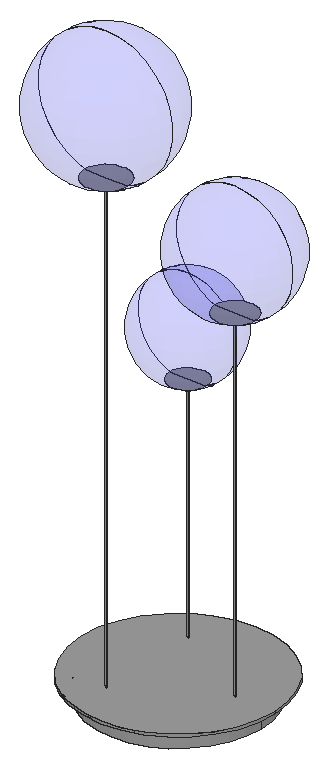
Revit family "CANGINITUCCI_LIGHTING_FIXTURE_PIT_GROUP", category Lighting Fixtures, host Face, Revit 2019
Family settings
  Host = Face
  Round Connector Dimension = Use Diameter
  Part Type = Normal
  Cut with Voids When Loaded = No
  Light Source = No
  Shared = No
  Room Calculation Point = Yes
Parameters (values of type "TRIPLE")
  WEIGHT = 0.00 kg
  URL = "https://www.canginietucci.com/"
  TECHNICAL SHEET = "https://www.canginietucci.com/prodotto/pit/"
  STRUCTURE MATERIAL = CANGINITUCCI_METAL
  PRODUCT SHEET = "https://www.archiproducts.com/en/products/cangini-tucci/led-blown-glass-pendant-lamp-pit-pendant-lamp_602741#"
  PRODUCT CODE = "1589MX.43.3L"  # constant formula
  POWER SUPPLY = "REFER TO SINGLE LAMP SPEC"  # constant formula
  PACKAGING = ""
  Model = "GLASS LAMP - TRIPLE"
  Manufacturer = "CANGINI&TUCCI"
  MATERIAL DESCRIPTION = ""
  LIGHTING SPECIFICATION = ""
  LAMP MATERIAL = CANGINITUCCI_LIGHT
  INSTALLATION INSTRUCTIONS = ""
  HEIGHT = 1000 mm
  FINISHING MATERIAL = CANGINITUCCI_GLASS
  ENERGY EFFICIENCY CLASS = "A"
  Description = "PIT is a family of LED lamps handcrafted in blown glass.‎ The family consists of 3 types: the hanging lamp, made in 4 different diameters, the table lamp with a 22cm diameter sphere and a height of 50cm, and the floor lamp, with a 30cm diameter sphere and a height of 175cm.‎"
  Default Elevation = 1219.2 mm
  DIAMETER = 430 mm
  COLOR RENDERING INDEX = ""
  COLLECTION = "PIT"  # constant formula
  BIM USER MANUAL = "https://bimcad.edilportale.com/CANGINITUCCI-BIM-USER-MANUAL-Cangini-Tucci-bim.pdf"
  BIM BADGE = "https://bim.archiproducts.com/en/badge/bim-archiproducts-featured_658700/about"
  BIM AUTHOR = "https://bim.archiproducts.com"
Reference planes
  plane 1 "Center (Front/Back)": y = 0
  plane 2: z = 0
  plane 3 "Center (Left/Right)": x = 0
  plane 4 "LAMP": z = 1000
Forms (mm)
  Extrusion 1, solid, material "CANGINITUCCI_METAL" <- "STRUCTURE MATERIAL", detail levels fine
    sketch origin (0, 0, 0) x (1, 0, 0) y (0, 1, 0)
      loop
        circle (0, 0) r 215
    from 45 to 40
  Extrusion 2, solid, material "CANGINITUCCI_METAL" <- "STRUCTURE MATERIAL", detail levels fine
    sketch origin (0, 0, 0) x (1, 0, 0) y (0, 1, 0)
      loop
        circle (0, 0) r 185
    from 0 to 40
Lines and regions (mm)
  symbolic lines, detail levels coarse
    curve 1: circle (-69.511, 113.787, 0) r 180 normal (0, 0, 1)
    curve 2: circle (125.607, 0.839, 0) r 180 normal (0, 0, 1)
    curve 3: circle (-70.758, -112.203, 0) r 180 normal (0, 0, 1)
    curve 4: arc (-215, 0, 0) -> (0, -215, 0) -> (215, 0, 0) r 215
    curve 5: arc (215, 0, 0) -> (0, 215, 0) -> (-215, 0, 0) r 215
Dimensions and locks
  "HEIGHT": plane 4 "LAMP" to level
  diameter of Extrusion 1 sketch curve = 430 mm
  aligned and locked: plane 2 to host face
  aligned and locked: level to host face
Automatic sketch dimensions
  host sketch curve to host sketch curve = 2438.4 mm  (x2)
  plane 1 "Center (Front/Back)" to Extrusion 1 sketch curve = 0 mm
  Extrusion 1 sketch curve to plane 3 "Center (Left/Right)" = 0 mm
  plane 1 "Center (Front/Back)" to Extrusion 2 sketch curve = 0 mm
  Extrusion 2 sketch curve to plane 3 "Center (Left/Right)" = 0 mm
  curve 4 to curve 5 = 0 mm  (x2)
  plane 1 "Center (Front/Back)" to curve 4 = 0 mm
  curve 5 to plane 3 "Center (Left/Right)" = 0 mm
  curve 1 to plane 3 "Center (Left/Right)" = 69.511 mm
  curve 3 to plane 3 "Center (Left/Right)" = 70.758 mm
  curve 2 to plane 1 "Center (Front/Back)" = 0.839 mm
  plane 3 "Center (Left/Right)" to curve 2 = 125.607 mm
  plane 1 "Center (Front/Back)" to curve 3 = 112.203 mm
  curve 1 to plane 1 "Center (Front/Back)" = 113.787 mm
  curve 5 to curve 3 = 144.242 mm
  radius of Extrusion 2 sketch curve = 185 mm
  radius of curve 1 = 180 mm
  radius of curve 2 = 180 mm
  radius of curve 3 = 180 mm
Nested families
  nested 1: "Lighting symbol" at (0, 0, 0) x (0.7071, -0.7071, 0) z (0, 0, 1), type "Lighting symbol", detail levels coarse
    with Light Source Symbol Size 300 mm
  nested 2: "CANGINITUCCI_LIGHTING_FIXTURE_PIT_SINGLE" at (-69.511, 113.787, 0), type "220"
    with BASE no
  nested 3: "CANGINITUCCI_LIGHTING_FIXTURE_PIT_SINGLE" at (125.607, 0.839, 0), type "260"
    with BASE no
  nested 4: "CANGINITUCCI_LIGHTING_FIXTURE_PIT_SINGLE" at (-70.758, -112.203, 0), type "300"
    with BASE no
Connectors
  electrical at (0, 0, 0)
    settings: on Extrusion 2, index 1, voltage 0 V, apparent load 0 VA, apparent load phase1 0 VA, apparent load phase2 0 VA, apparent load phase3 0 VA, power factor 1, load classification "Other", number of poles 1, system type 31, power factor state 1, is connector primary yes, connector utility no, sub classification motor no, connector description ""
Definition of nested family "CANGINITUCCI_LIGHTING_FIXTURE_PIT_SINGLE"
  Parameters (values of type "360")
    WEIGHT = 0.00 kg
    WATTAGE = 0 W
    VOLTAGE = 0 V
    URL = "https://www.canginietucci.com/"
    TECHNICAL SHEET = "https://www.canginietucci.com/prodotto/pit/"
    STRUCTURE MATERIAL = none
    RADIAL = DIAMETER / 2  # 180 mm
    PRODUCT SHEET = "https://www.archiproducts.com/en/products/cangini-tucci/led-blown-glass-pendant-lamp-pit-pendant-lamp_602741#"
    PRODUCT CODE = "MAX1583.1L"  # constant formula
    POWER SUPPLY = ""
    POWER CONSUMPTION = 0 kWh
    PACKAGING = ""
    Model = "GLASS LAMP"
    Manufacturer = "CANGINI&TUCCI"
    MATERIAL DESCRIPTION = ""
    LIGHTING SPECIFICATION = ""
    LAMP MATERIAL = none
    INSTALLATION INSTRUCTIONS = ""
    HEIGHT = 1000 mm
    FREQUENCY = 0 Hz
    FINISHING MATERIAL = none
    ENERGY EFFICIENCY CLASS = ""
    Description = "PIT is a family of LED lamps handcrafted in blown glass.‎ The family consists of 3 types: the hanging lamp, made in 4 different diameters, the table lamp with a 22cm diameter sphere and a height of 50cm, and the floor lamp, with a 30cm diameter sphere and a height of 175cm.‎"
    Default Elevation = 1219.2 mm
    DIAMETER = 360 mm
    COLOR RENDERING INDEX = ""
    COLLECTION = "PIT"  # constant formula
    BIM USER MANUAL = "https://bimcad.edilportale.com/CANGINITUCCI-BIM-USER-MANUAL-Cangini-Tucci-bim.pdf"
    BIM BADGE = "https://bim.archiproducts.com/en/badge/bim-archiproducts-featured_658700/about"
    BIM AUTHOR = "https://bim.archiproducts.com"
    BASE [instance] = yes
  Types (4, lengths in mm): name | RADIAL | HEIGHT | DIAMETER
    220 | 110 | 550 | 220
    260 | 130 | 800 | 260
    300 | 150 | 1050 | 300
    360 | 180 | 1000 | 360
  Reference planes
    plane 1 "Center (Front/Back)": y = 0
    plane 2: z = 0
    plane 3 "Center (Left/Right)": x = 0
    plane 4 "LAMP": z = 1000
  Forms (mm)
    Extrusion 1, solid
      sketch origin (0, 0, 0) x (1, 0, 0) y (0, 1, 0)
        loop
          line (-1219.2, 1219.2) -> (-1219.2, -1219.2) -> (1219.2, -1219.2) -> (1219.2, 1219.2) -> (-1219.2, 1219.2)
      from 0 to -126.95
    Extrusion 2, solid, material <- "STRUCTURE MATERIAL", visible <- "BASE", detail levels medium+fine
      sketch origin (562.5, 114.888, 0) x (1, 0, 0) y (0, 1, 0)
        loop
          circle (-562.5, -114.888) r 42.5
      from 0 to 50
    Extrusion 3, solid, material <- "STRUCTURE MATERIAL", detail levels medium+fine
      sketch origin (0, 0, 50) x (1, 0, 0) y (0, 1, 0)
        loop
          circle (0, 0) r 1.45
      from -50 to 950
    Revolve 4, solid, material <- "FINISHING MATERIAL", detail levels medium+fine
      sketch origin (0, 0, 0) x (1, 0, 0) y (0, 0, 1)
        loop
          arc (0, 1360) -> (-180, 1180) -> (0, 1000) r 180
          line (0, 1000) -> (0, 1360)
        axis (0, 1360) -> (0, 1000)
      angle from 0 to 360
    Revolve 5, solid, material <- "STRUCTURE MATERIAL", detail levels medium+fine
      sketch origin (0, 0, 0) x (1, 0, 0) y (0, 0, 1)
        loop
          line (0, 1007.766) -> (-52.301, 1007.766)
          arc (-52.301, 1007.766) -> (-26.437, 1001.952) -> (0, 1000) r 180
          line (0, 1000) -> (0, 1007.766)
        axis (0, 1007.766) -> (0, 1000)
      angle from 0 to 360
  Lines and regions (mm)
    symbolic lines, detail levels coarse
      curve 1: circle (0, 0, 0) r 180 normal (0, 0, 1)
  Dimensions and locks
    "HEIGHT": plane 4 "LAMP" to level
    locked: Revolve 4 sketch curve to plane 4 "LAMP" at 0
    "RADIAL": radius of Revolve 4 sketch curve
    "RADIAL": radius of Revolve 5 sketch curve
    aligned and locked: plane 2 to Extrusion 1
    aligned and locked: level to Extrusion 1
    aligned and locked: plane 4 "LAMP" to Extrusion 3
    aligned and locked: Extrusion 3 to level
  Automatic sketch dimensions
    Extrusion 1 sketch curve to Extrusion 1 sketch curve = 2438.4 mm  (x2)
    Extrusion 2 sketch curve to Extrusion 2 sketch curve = 0 mm  (x2)
    plane 1 "Center (Front/Back)" to Extrusion 2 sketch curve = 0 mm
    Extrusion 2 sketch curve to plane 3 "Center (Left/Right)" = 0 mm
    Extrusion 2 sketch curve to Extrusion 2 sketch curve = 42.5 mm
    Extrusion 3 sketch curve to Extrusion 3 sketch curve = 0 mm  (x2)
    plane 1 "Center (Front/Back)" to Extrusion 3 sketch curve = 0 mm
    Extrusion 3 sketch curve to plane 3 "Center (Left/Right)" = 0 mm
    Extrusion 3 sketch curve to Extrusion 3 sketch curve = 1.45 mm
    plane 1 "Center (Front/Back)" to curve 1 = 0 mm
    curve 1 to plane 3 "Center (Left/Right)" = 0 mm
    Revolve 4 sketch curve to plane 3 "Center (Left/Right)" = 0 mm  (x2)
    Revolve 4 sketch curve to level = 609.6 mm
    Revolve 4 sketch curve to Revolve 4 sketch curve = 1383.706 mm
    Revolve 5 sketch curve to plane 3 "Center (Left/Right)" = 0 mm  (x2)
    Revolve 5 sketch curve to plane 4 "LAMP" = 0 mm
    plane 4 "LAMP" to Revolve 5 sketch curve = 7.766 mm
    Revolve 5 sketch curve to level = 609.6 mm
    Revolve 5 sketch curve to Revolve 5 sketch curve = 1493.706 mm
    radius of curve 1 = 180 mm
  Nested families
    nested 1: "Lighting symbol" at (1.45, 0, 0) x (0.7071, -0.7071, 0) z (0, 0, 1), type "Lighting symbol", detail levels coarse
      with Light Source Symbol Size 300 mm
  Definition of nested family "Lighting symbol"
    Parameters (values of type "Lighting symbol")
      Light Source Symbol Size [instance] = 350 mm
    Reference planes
      plane 1 "Center (Front/Back)": y = 0
      plane 2: z = 0
      plane 3 "Center (Left/Right)": x = 0
    Lines and regions (mm)
      detail lines, in view "Ref. Level", detail levels coarse
        curve 1: circle (0, 0, 0) r 175 normal (0, 0, 1)
        curve 2: line (175, 0, 0) -> (-175, 0, 0)
        curve 3: line (0, 175, 0) -> (0, -175, 0)
    Dimensions and locks
      "Light Source Symbol Size": diameter of curve 1
      aligned and locked: curve 3 to plane 3 "Center (Left/Right)"
      aligned and locked: curve 2 to plane 1 "Center (Front/Back)"
    Automatic sketch dimensions
      plane 1 "Center (Front/Back)" to curve 1 = 0 mm
      curve 1 to plane 3 "Center (Left/Right)" = 0 mm
Definition of nested family "Lighting symbol"
  Parameters (values of type "Lighting symbol")
    Light Source Symbol Size [instance] = 350 mm
  Reference planes
    plane 1 "Center (Front/Back)": y = 0
    plane 2: z = 0
    plane 3 "Center (Left/Right)": x = 0
  Lines and regions (mm)
    detail lines, in view "Ref. Level", detail levels coarse
      curve 1: circle (0, 0, 0) r 175 normal (0, 0, 1)
      curve 2: line (175, 0, 0) -> (-175, 0, 0)
      curve 3: line (0, 175, 0) -> (0, -175, 0)
  Dimensions and locks
    "Light Source Symbol Size": diameter of curve 1
    aligned and locked: curve 3 to plane 3 "Center (Left/Right)"
    aligned and locked: curve 2 to plane 1 "Center (Front/Back)"
  Automatic sketch dimensions
    plane 1 "Center (Front/Back)" to curve 1 = 0 mm
    curve 1 to plane 3 "Center (Left/Right)" = 0 mm
